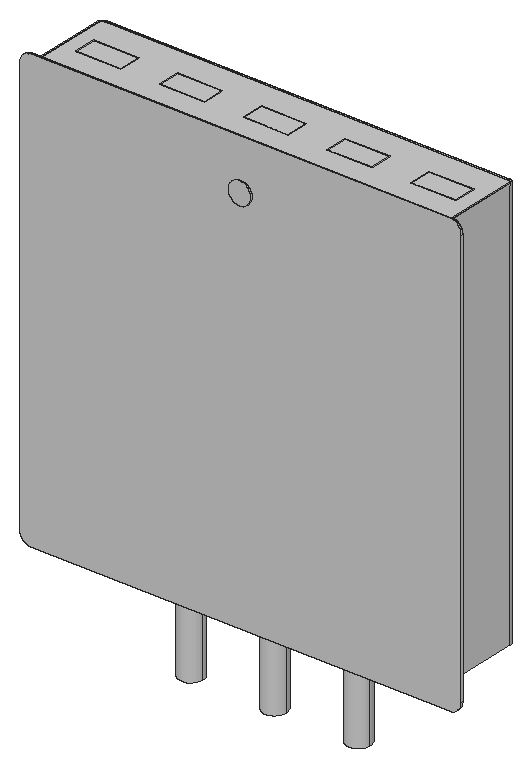
Revit family "SpecEquip_TMV_Zip_Horne TMV box with pipes at one end", category Specialty Equipment, Revit 2016
Family settings
  Part Type = Normal
  Round Connector Dimension = Use Diameter
  OmniClass Number = 23.65.55.14.24
  OmniClass Title = Mixing Valves for Liquid Services
  Work Plane-Based = No
  Always vertical = Yes
  Cut with Voids When Loaded = Yes
  Shared = No
  Room Calculation Point = No
Parameters (values of type "TMV Removable Door")
  URL = "https://www.zipwater.com/"
  Type Comments = "Removable Door"
  Removeable Door = not(Hinged Door)  # yes
  ModifiedIssue_ANZRS = 20171020
  Model = "Horne TMV  H1502 Brass in box Configuration - Removable Door"
  Material_ANZRS = z_ZipTmv_Chrome
  Manufacturer_URL__Product Specific = "https://www.zipwater.com/shop/washroom/box-with-cover-and-key-locks-recessed-flat-stainless-steel-cover"
  Manufacturer_Spec Code = "42157"
  Manufacturer_Overall Width = 370 mm  # constant formula
  Manufacturer_Overall Height = 370 mm  # constant formula
  Manufacturer_Overall Depth = 74 mm  # constant formula
  Manufacturer_Height From FFL [instance] = 900 mm
  Manufacturer = "Zip Australia"  # constant formula
  Hinged Door = no
  Description = "Horne TMV Model H1502: Recessed pre-plumbed box configuration with lockable flat stainless steel removable door - pipes at one end"
  CreatedBy_ANZRS = "UNIFI Labs"  # constant formula
  CreatedByURL_ANZRS = "http://www.unifilabs.com/"
Types (2, lengths in mm): name | Type Comments | Removeable Door | Model | Manufacturer_URL__Product Specific | Manufacturer_Spec Code | Hinged Door | Description
  TMV Removable Door | "Removable Door" | yes | "Horne TMV  H1502 Brass in box Configuration - Removable Door" | "https://www.zipwater.com/shop/washroom/box-with-cover-and-key-locks-recessed-flat-stainless-steel-cover" | "42157" | no | "Horne TMV Model H1502: Recessed pre-plumbed box configuration with lockable flat stainless steel removable door - pipes at one end"
  TMV Hinged Door | "Hinged Door" | no | "Horne TMV  H1502 Brass in box Configuration - Hinged Door" | "https://www.zipwater.com/shop/washroom/box-and-key-locks-recessed-Hingedd-stainless-steel-cover-pipes" | "42457" | yes | "Horne TMV Model H1502: Recessed pre-plumbed box configuration with lockable Hinged stainless steel door - pipes at one end"
Reference planes
  plane 1 "Back": y = 302
  plane 2 "Ref. Level": z = 0
  plane 3 "Center (Left/Right)": x = 0
  plane 4 "Right": x = 185
  plane 5 "Top": z = 1270
  plane 6 "Left": x = -185
  plane 7 "Bottom": z = 900
  plane 8 "Front": y = 228
  plane 9 "Center (Front/Back)": y = 265
  plane 10 "Center (Elevation)": z = 1085
  plane 11 "Left Offset": x = -75
  plane 12 "Right Offset": x = 75
Forms (mm)
  Extrusion 1, solid, material "z_ZipTmv_Chrome" <- "Material_ANZRS", detail levels fine
    sketch origin (0, 0, 1085) x (-1, 0, 0) y (0, 1, 0)
      loop
        line (-89.496, 250.504) -> (-69.694, 245.199) -> (-55.199, 259.694) -> (-60.504, 279.496) -> (-80.306, 284.801) -> (-94.801, 270.306) -> (-89.496, 250.504)
    from 64.5 to 80
  Extrusion 2, solid, material "z_ZipTmv_Chrome" <- "Material_ANZRS", detail levels fine
    sketch origin (0, 0, 1085) x (-1, 0, 0) y (0, 1, 0)
      loop
        line (-84.546, 255.454) -> (-71.506, 251.96) -> (-61.96, 261.506) -> (-65.454, 274.546) -> (-78.494, 278.04) -> (-88.04, 268.494) -> (-84.546, 255.454)
    from 52.3 to 63.3
  Extrusion 3, solid, material "z_ZipTmv_Chrome" <- "Material_ANZRS", detail levels fine
    sketch origin (0, 0, 1085) x (1, 0, 0) y (0, 1, 0)
      loop
        line (-89.496, 250.504) -> (-69.694, 245.199) -> (-55.199, 259.694) -> (-60.504, 279.496) -> (-80.306, 284.801) -> (-94.801, 270.306) -> (-89.496, 250.504)
    from 64.5 to 80
  Extrusion 4, solid, material "z_ZipTmv_Chrome" <- "Material_ANZRS", detail levels fine
    sketch origin (0, 0, 1085) x (1, 0, 0) y (0, 1, 0)
      loop
        line (-84.546, 255.454) -> (-71.506, 251.96) -> (-61.96, 261.506) -> (-65.454, 274.546) -> (-78.494, 278.04) -> (-88.04, 268.494) -> (-84.546, 255.454)
    from 52.3 to 63.3
  Extrusion 5, solid, material "z_ZipTmv_Chrome" <- "Material_ANZRS", detail levels fine
    sketch origin (75, 0, 1085) x (1, 0, 0) y (0, 1, 0)
      loop
        line (-89.496, 250.504) -> (-69.694, 245.199) -> (-55.199, 259.694) -> (-60.504, 279.496) -> (-80.306, 284.801) -> (-94.801, 270.306) -> (-89.496, 250.504)
    from 46.993 to 62.496
  Extrusion 6, solid, material "z_ZipTmv_Chrome" <- "Material_ANZRS", detail levels fine
    sketch origin (75, 0, 1085) x (1, 0, 0) y (0, 1, 0)
      loop
        line (-84.546, 255.454) -> (-71.506, 251.96) -> (-61.96, 261.506) -> (-65.454, 274.546) -> (-78.494, 278.04) -> (-88.04, 268.494) -> (-84.546, 255.454)
    from 41 to 46.993
  Extrusion 7, solid, material "z_ZipTmv_Chrome" <- "Material_ANZRS", detail levels fine
    sketch origin (75, 0, 1085) x (1, 0, 0) y (0, 1, 0)
      loop
        line (-62.272, 252.272) -> (-57.613, 269.659) -> (-70.341, 282.387) -> (-87.728, 277.728) -> (-92.387, 260.341) -> (-79.659, 247.613) -> (-62.272, 252.272)
    from 65.72 to 72.02
  Revolve 8, solid, material "z_ZipTmv_Chrome" <- "Material_ANZRS"
    sketch origin (0, 265, 0) x (0, 0, -1) y (-1, 0, 0)
      loop
        line (-1022.504, 0) -> (-1022.504, -14.566) -> (-1021.48, -13.542) -> (-1021.48, -12.2) -> (-1003.98, -12.2) -> (-1003.98, -10.5) -> (-798.5, -10.5) -> (-798.5, 0) -> (-1022.504, 0)
      axis (-798.5, 0) -> (-1022.504, 0)
    angle from 0 to 360
  Revolve 9, solid, material "z_ZipTmv_Chrome" <- "Material_ANZRS"
    sketch origin (0, 265, 0) x (0, 0, -1) y (-1, 0, 0)
      loop
        line (-798.5, -75) -> (-1005, -75) -> (-1005, -87.25) -> (-994, -87.25) -> (-994, -85.5) -> (-798.5, -85.5) -> (-798.5, -75)
      axis (-798.5, -75) -> (-1005, -75)
    angle from 0 to 360
  Revolve 10, solid, material "z_ZipTmv_Chrome" <- "Material_ANZRS"
    sketch origin (0, 265, 0) x (0, 0, -1) y (-1, 0, 0)
      loop
        line (-798.5, 75) -> (-1005, 75) -> (-1005, 62.75) -> (-994, 62.75) -> (-994, 64.5) -> (-798.5, 64.5) -> (-798.5, 75)
      axis (-798.5, 75) -> (-1005, 75)
    angle from 0 to 360
  Revolve 11, solid, material "z_ZipTmv_Chrome" <- "Material_ANZRS", detail levels fine
    sketch origin (0, 265, 0) x (0, 0, -1) y (-1, 0, 0)
      loop
        line (-980, 0) -> (-980, 53.5) -> (-986.003, 53.5) -> (-986.003, 44.5) -> (-989.003, 44.5) -> (-989.003, 14.5) -> (-986.503, 14.5) -> (-986.503, 11) -> (-988.003, 11) -> (-988.003, 10) -> (-986.503, 10) -> (-986.503, 0) -> (-980, 0)
      loop
        line (-982, 54.963) -> (-980, 54.963) -> (-980, 56.963) -> (-981.02, 56.963) -> (-982, 55.983) -> (-982, 54.963)
      axis (-980, 56.963) -> (-980, 0)
    angle from 0 to 360
  Extrusion 12, solid, material "z_ZipTmv_Chrome" <- "Material_ANZRS", detail levels fine
    sketch origin (0, 0, 1085) x (-1, 0, 0) y (0, -1, 0)
      loop
        line (54.963, -276.503) -> (54.963, -251.497)
        arc (54.963, -251.497) -> (54.231, -249.73) -> (52.463, -248.997) r 2.5
        line (52.463, -248.997) -> (47, -248.997)
        arc (47, -248.997) -> (45.232, -249.73) -> (44.5, -251.497) r 2.5
        line (44.5, -251.497) -> (44.5, -260.497) -> (46, -260.497) -> (46, -251.497)
        arc (46, -251.497) -> (46.293, -250.79) -> (47, -250.497) r 1
        line (47, -250.497) -> (52.5, -250.497)
        arc (52.5, -250.497) -> (53.207, -250.79) -> (53.5, -251.497) r 1
        line (53.5, -251.497) -> (53.5, -276.503)
        arc (53.5, -276.503) -> (54.232, -277.235) -> (54.963, -276.503) r 0.732
    from -107.5 to -102.5
  Extrusion 13, solid, material "z_ZipTmv_Chrome" <- "Material_ANZRS", detail levels fine
    sketch origin (0, 265, 0) x (0, 0, -1) y (-1, 0, 0)
      loop
        line (-900, 95) -> (-920.144, 95) -> (-920.144, 55) -> (-900, 55) -> (-900, 95)
      loop
        line (-900, 20) -> (-920.144, 20) -> (-920.144, -20) -> (-900, -20) -> (-900, 20)
      loop
        line (-900, -55) -> (-920.144, -55) -> (-920.144, -95) -> (-900, -95) -> (-900, -55)
    from 10 to 11.2
  Extrusion 14, solid, material "z_ZipTmv_Chrome" <- "Material_ANZRS", detail levels fine
    sketch origin (-41.47, 184.374, 900) x (-1, 0, 0) y (0, 1, 0)
      loop
        line (-126.97, 80.626) -> (-126.97, 85.626)
        arc (-126.97, 85.626) -> (-128.434, 89.161) -> (-131.97, 90.626) r 5
        line (-131.97, 90.626) -> (-136.47, 90.626) -> (-136.47, 89.626) -> (-131.97, 89.626)
        arc (-131.97, 89.626) -> (-129.141, 88.454) -> (-127.97, 85.626) r 4
        line (-127.97, 85.626) -> (-127.97, 80.626)
        arc (-127.97, 80.626) -> (-116.47, 69.126) -> (-104.97, 80.626) r 11.5
        line (-104.97, 80.626) -> (-104.97, 85.626)
        arc (-104.97, 85.626) -> (-103.798, 88.454) -> (-100.97, 89.626) r 4
        line (-100.97, 89.626) -> (-96.47, 89.626) -> (-96.47, 90.626) -> (-100.97, 90.626)
        arc (-100.97, 90.626) -> (-104.505, 89.161) -> (-105.97, 85.626) r 5
        line (-105.97, 85.626) -> (-105.97, 80.626)
        arc (-105.97, 80.626) -> (-116.47, 70.126) -> (-126.97, 80.626) r 10.5
      loop
        line (-51.97, 80.626) -> (-51.97, 85.626)
        arc (-51.97, 85.626) -> (-53.434, 89.161) -> (-56.97, 90.626) r 5
        line (-56.97, 90.626) -> (-61.47, 90.626) -> (-61.47, 89.626) -> (-56.97, 89.626)
        arc (-56.97, 89.626) -> (-54.141, 88.454) -> (-52.97, 85.626) r 4
        line (-52.97, 85.626) -> (-52.97, 80.626)
        arc (-52.97, 80.626) -> (-41.47, 69.126) -> (-29.97, 80.626) r 11.5
        line (-29.97, 80.626) -> (-29.97, 85.626)
        arc (-29.97, 85.626) -> (-28.798, 88.454) -> (-25.97, 89.626) r 4
        line (-25.97, 89.626) -> (-21.47, 89.626) -> (-21.47, 90.626) -> (-25.97, 90.626)
        arc (-25.97, 90.626) -> (-29.505, 89.161) -> (-30.97, 85.626) r 5
        line (-30.97, 85.626) -> (-30.97, 80.626)
        arc (-30.97, 80.626) -> (-41.47, 70.126) -> (-51.97, 80.626) r 10.5
      loop
        line (23.03, 80.626) -> (23.03, 85.626)
        arc (23.03, 85.626) -> (21.566, 89.161) -> (18.03, 90.626) r 5
        line (18.03, 90.626) -> (13.53, 90.626) -> (13.53, 89.626) -> (18.03, 89.626)
        arc (18.03, 89.626) -> (20.859, 88.454) -> (22.03, 85.626) r 4
        line (22.03, 85.626) -> (22.03, 80.626)
        arc (22.03, 80.626) -> (33.53, 69.126) -> (45.03, 80.626) r 11.5
        line (45.03, 80.626) -> (45.03, 85.626)
        arc (45.03, 85.626) -> (46.202, 88.454) -> (49.03, 89.626) r 4
        line (49.03, 89.626) -> (53.53, 89.626) -> (53.53, 90.626) -> (49.03, 90.626)
        arc (49.03, 90.626) -> (45.495, 89.161) -> (44.03, 85.626) r 5
        line (44.03, 85.626) -> (44.03, 80.626)
        arc (44.03, 80.626) -> (33.53, 70.126) -> (23.03, 80.626) r 10.5
    from -18.846 to 0
  Extrusion 15, void
    sketch origin (-41.47, 184.374, 900) x (-1, 0, 0) y (0, 1, 0)
      loop
        line (143.53, 117.626) -> (-226.47, 117.626) -> (-226.47, 43.626) -> (143.53, 43.626) -> (143.53, 117.626)
    from -370 to 0
Text (mm)
  text "Disclaimer:\n\nDue to ongoing product development and manufacturing evolution, product details are subject to change without notice.\n\nPlease refer to product technical data sheets on www.zipwater.com for the most current product information. Please allow a +/- 5mm tolerance for dimensions and set-outs shown in product literature.\n\n© 2017 Zip Industries" at (260.267, 337.534, 0), in view "Ref. Level"
Dimensions and locks
  "Manufacturer_Height From FFL": plane 7 "Bottom" to plane 2 "Ref. Level"
  equal spacing: plane 8 "Front", plane 9 "Center (Front/Back)", plane 1 "Back"
  "Manufacturer_Overall Depth": plane 8 "Front" to plane 1 "Back"
  equal spacing: plane 6 "Left", plane 3 "Center (Left/Right)", plane 4 "Right"
  "Manufacturer_Overall Width": plane 6 "Left" to plane 4 "Right"
  "Manufacturer_Overall Height": plane 7 "Bottom" to plane 5 "Top"
  equal spacing: plane 5 "Top", plane 10 "Center (Elevation)", plane 7 "Bottom"
  plane 12 "Right Offset" to plane 3 "Center (Left/Right)" to plane 11 "Left Offset" = 75 mm locked, 75 mm locked
  aligned and locked: level to plane 2 "Ref. Level"
  aligned and locked: plane 3 "Center (Left/Right)" to nested 1
  aligned and locked: plane 9 "Center (Front/Back)" to nested 1
  aligned and locked: nested 1 to plane 5 "Top"
  aligned and locked: plane 3 "Center (Left/Right)" to nested 2
  aligned and locked: plane 9 "Center (Front/Back)" to nested 2
  aligned and locked: plane 10 "Center (Elevation)" to nested 2
  aligned and locked: plane 6 "Left" to Extrusion 15 sketch curve
  aligned and locked: plane 1 "Back" to Extrusion 15 sketch curve
  aligned and locked: Extrusion 15 sketch curve to plane 4 "Right"
  aligned and locked: plane 8 "Front" to Extrusion 15 sketch curve
  aligned and locked: plane 7 "Bottom" to Extrusion 15
  aligned and locked: Extrusion 15 to plane 5 "Top"
Automatic sketch dimensions
  plane 9 "Center (Front/Back)" to Extrusion 1 sketch curve = 5.306 mm
  plane 12 "Right Offset" to Extrusion 1 sketch curve = 19.801 mm
  plane 12 "Right Offset" to Extrusion 1 sketch curve = 14.496 mm
  plane 12 "Right Offset" to Extrusion 1 sketch curve = 5.306 mm
  Extrusion 1 sketch curve to plane 12 "Right Offset" = 5.306 mm
  Extrusion 1 sketch curve to plane 12 "Right Offset" = 14.496 mm
  Extrusion 1 sketch curve to plane 9 "Center (Front/Back)" = 5.306 mm
  Extrusion 1 sketch curve to plane 12 "Right Offset" = 19.801 mm
  plane 9 "Center (Front/Back)" to Extrusion 1 sketch curve = 14.496 mm
  plane 1 "Back" to Extrusion 1 sketch curve = 17.199 mm
  Extrusion 1 sketch curve to plane 9 "Center (Front/Back)" = 14.496 mm
  plane 8 "Front" to Extrusion 1 sketch curve = 17.199 mm
  Extrusion 2 sketch curve to plane 12 "Right Offset" = 3.494 mm
  Extrusion 2 sketch curve to plane 9 "Center (Front/Back)" = 3.494 mm
  Extrusion 3 sketch curve to plane 9 "Center (Front/Back)" = 5.306 mm
  plane 11 "Left Offset" to Extrusion 3 sketch curve = 19.801 mm
  plane 11 "Left Offset" to Extrusion 3 sketch curve = 14.496 mm
  plane 11 "Left Offset" to Extrusion 3 sketch curve = 5.306 mm
  Extrusion 3 sketch curve to plane 11 "Left Offset" = 5.306 mm
  Extrusion 3 sketch curve to plane 11 "Left Offset" = 14.496 mm
  plane 9 "Center (Front/Back)" to Extrusion 3 sketch curve = 5.306 mm
  Extrusion 3 sketch curve to plane 11 "Left Offset" = 19.801 mm
  Extrusion 3 sketch curve to plane 9 "Center (Front/Back)" = 14.496 mm
  Extrusion 3 sketch curve to plane 1 "Back" = 17.199 mm
  plane 9 "Center (Front/Back)" to Extrusion 3 sketch curve = 14.496 mm
  Extrusion 3 sketch curve to plane 8 "Front" = 17.199 mm
  Extrusion 4 sketch curve to plane 11 "Left Offset" = 3.494 mm
  plane 9 "Center (Front/Back)" to Extrusion 4 sketch curve = 3.494 mm
  Extrusion 5 sketch curve to plane 9 "Center (Front/Back)" = 5.306 mm
  plane 3 "Center (Left/Right)" to Extrusion 5 sketch curve = 19.801 mm
  plane 3 "Center (Left/Right)" to Extrusion 5 sketch curve = 14.496 mm
  plane 3 "Center (Left/Right)" to Extrusion 5 sketch curve = 5.306 mm
  Extrusion 5 sketch curve to plane 3 "Center (Left/Right)" = 5.306 mm
  Extrusion 5 sketch curve to plane 3 "Center (Left/Right)" = 14.496 mm
  plane 9 "Center (Front/Back)" to Extrusion 5 sketch curve = 5.306 mm
  Extrusion 5 sketch curve to plane 3 "Center (Left/Right)" = 19.801 mm
  Extrusion 5 sketch curve to plane 9 "Center (Front/Back)" = 14.496 mm
  Extrusion 5 sketch curve to plane 1 "Back" = 17.199 mm
  plane 9 "Center (Front/Back)" to Extrusion 5 sketch curve = 14.496 mm
  Extrusion 5 sketch curve to plane 8 "Front" = 17.199 mm
  Extrusion 6 sketch curve to plane 3 "Center (Left/Right)" = 3.494 mm
  plane 9 "Center (Front/Back)" to Extrusion 6 sketch curve = 3.494 mm
  Revolve 8 sketch curve to plane 3 "Center (Left/Right)" = 0 mm  (x2)
  plane 10 "Center (Elevation)" to Revolve 8 sketch curve = 62.496 mm
  plane 3 "Center (Left/Right)" to Revolve 8 sketch curve = 13.542 mm
  Revolve 8 sketch curve to Revolve 8 sketch curve = 1.024 mm  (x2)
  Revolve 8 sketch curve to Revolve 8 sketch curve = 17.5 mm
  plane 3 "Center (Left/Right)" to Revolve 8 sketch curve = 10.5 mm
  plane 7 "Bottom" to Revolve 8 sketch curve = 101.5 mm
  Revolve 8 sketch curve to Revolve 8 sketch curve = 1.342 mm
  Revolve 8 sketch curve to Revolve 8 sketch curve = 0 mm
  Revolve 8 sketch curve to Revolve 8 sketch curve = 2.412 mm
  plane 12 "Right Offset" to Revolve 9 sketch curve = 12.25 mm
  plane 10 "Center (Elevation)" to Revolve 9 sketch curve = 80 mm
  Revolve 9 sketch curve to Revolve 9 sketch curve = 11 mm
  Revolve 9 sketch curve to plane 12 "Right Offset" = 0 mm  (x2)
  plane 7 "Bottom" to Revolve 9 sketch curve = 101.5 mm
  plane 12 "Right Offset" to Revolve 9 sketch curve = 10.5 mm
  Revolve 9 sketch curve to Revolve 9 sketch curve = 3.198 mm
  Revolve 9 sketch curve to Revolve 9 sketch curve = 0 mm
  Revolve 10 sketch curve to plane 11 "Left Offset" = 0 mm  (x2)
  plane 10 "Center (Elevation)" to Revolve 10 sketch curve = 80 mm
  Revolve 10 sketch curve to Revolve 10 sketch curve = 11 mm
  plane 7 "Bottom" to Revolve 10 sketch curve = 101.5 mm
  plane 11 "Left Offset" to Revolve 10 sketch curve = 10.5 mm
  Revolve 10 sketch curve to Revolve 10 sketch curve = 1.75 mm
  Revolve 10 sketch curve to Revolve 10 sketch curve = 0 mm
  Revolve 10 sketch curve to Revolve 10 sketch curve = 5 mm
  Revolve 11 sketch curve to plane 3 "Center (Left/Right)" = 0 mm  (x2)
  plane 11 "Left Offset" to Revolve 11 sketch curve = 30.5 mm
  Revolve 11 sketch curve to plane 7 "Bottom" = 89.003 mm
  Revolve 11 sketch curve to Revolve 11 sketch curve = 1 mm  (x2)
  Revolve 11 sketch curve to Revolve 11 sketch curve = 1.5 mm
  Revolve 11 sketch curve to Revolve 11 sketch curve = 0 mm  (x3)
  Revolve 11 sketch curve to Revolve 11 sketch curve = 3 mm
  Revolve 11 sketch curve to Revolve 11 sketch curve = 4.003 mm
  Revolve 11 sketch curve to Revolve 11 sketch curve = 0.98 mm  (x2)
  Revolve 11 sketch curve to Revolve 11 sketch curve = 2 mm
  Revolve 11 sketch curve to plane 3 "Center (Left/Right)" = 10 mm
  Revolve 11 sketch curve to Revolve 11 sketch curve = 3.5 mm
  Revolve 11 sketch curve to Revolve 11 sketch curve = 9 mm
  Revolve 11 sketch curve to Revolve 11 sketch curve = 1.463 mm
  Revolve 11 sketch curve to Revolve 11 sketch curve = 1.02 mm
  plane 3 "Center (Left/Right)" to Revolve 11 sketch curve = 4.198 mm
  Extrusion 12 sketch curve to Extrusion 12 sketch curve = 0 mm  (x2)
  Extrusion 12 sketch curve to plane 9 "Center (Front/Back)" = 13.503 mm
  plane 11 "Left Offset" to Extrusion 12 sketch curve = 30.5 mm
  Extrusion 12 sketch curve to Extrusion 12 sketch curve = 1.5 mm
  Extrusion 12 sketch curve to Extrusion 12 sketch curve = 1 mm  (x2)
  Extrusion 12 sketch curve to Extrusion 12 sketch curve = 5.463 mm
  Extrusion 12 sketch curve to Extrusion 12 sketch curve = 0.037 mm
  Extrusion 12 sketch curve to Extrusion 12 sketch curve = 0.732 mm
  Extrusion 12 sketch curve to plane 9 "Center (Front/Back)" = 4.503 mm
  plane 9 "Center (Front/Back)" to Extrusion 12 sketch curve = 11.503 mm
  Extrusion 13 sketch curve to plane 7 "Bottom" = 0 mm  (x3)
  Extrusion 13 sketch curve to plane 7 "Bottom" = 20.144 mm  (x3)
  plane 12 "Right Offset" to Extrusion 13 sketch curve = 20 mm
  Extrusion 13 sketch curve to plane 12 "Right Offset" = 20 mm
  plane 3 "Center (Left/Right)" to Extrusion 13 sketch curve = 20 mm
  Extrusion 13 sketch curve to plane 3 "Center (Left/Right)" = 20 mm
  plane 11 "Left Offset" to Extrusion 13 sketch curve = 20 mm
  Extrusion 13 sketch curve to plane 11 "Left Offset" = 20 mm
  Extrusion 14 sketch curve to Extrusion 14 sketch curve = 0 mm  (x18)
  Extrusion 14 sketch curve to plane 9 "Center (Front/Back)" = 0 mm  (x3)
  plane 9 "Center (Front/Back)" to Extrusion 14 sketch curve = 10 mm  (x5)
  plane 12 "Right Offset" to Extrusion 14 sketch curve = 20 mm
  Extrusion 14 sketch curve to Extrusion 14 sketch curve = 4.5 mm  (x6)
  Extrusion 14 sketch curve to Extrusion 14 sketch curve = 4 mm  (x6)
  Extrusion 14 sketch curve to Extrusion 14 sketch curve = 1 mm  (x3)
  Extrusion 14 sketch curve to plane 12 "Right Offset" = 0 mm
  plane 3 "Center (Left/Right)" to Extrusion 14 sketch curve = 20 mm
  Extrusion 14 sketch curve to plane 3 "Center (Left/Right)" = 0 mm
  plane 9 "Center (Front/Back)" to Extrusion 14 sketch curve = 9 mm
  plane 11 "Left Offset" to Extrusion 14 sketch curve = 20 mm
  Extrusion 14 sketch curve to plane 11 "Left Offset" = 0 mm
  plane 9 "Center (Front/Back)" to Extrusion 4 sketch curve = 9.546 mm
  Extrusion 4 sketch curve to plane 9 "Center (Front/Back)" = 3.494 mm
  plane 11 "Left Offset" to Extrusion 4 sketch curve = 13.04 mm
  plane 11 "Left Offset" to Extrusion 4 sketch curve = 3.494 mm
  Extrusion 4 sketch curve to plane 9 "Center (Front/Back)" = 9.546 mm
  Extrusion 4 sketch curve to plane 9 "Center (Front/Back)" = 13.04 mm
  plane 11 "Left Offset" to Extrusion 4 sketch curve = 9.546 mm
  Extrusion 4 sketch curve to plane 11 "Left Offset" = 9.546 mm
  Extrusion 4 sketch curve to plane 11 "Left Offset" = 13.04 mm
  plane 9 "Center (Front/Back)" to Extrusion 4 sketch curve = 13.04 mm
  plane 3 "Center (Left/Right)" to Extrusion 6 sketch curve = 3.494 mm
  plane 3 "Center (Left/Right)" to Extrusion 6 sketch curve = 9.546 mm
  Extrusion 6 sketch curve to plane 3 "Center (Left/Right)" = 9.546 mm
  plane 9 "Center (Front/Back)" to Extrusion 6 sketch curve = 13.04 mm
  Extrusion 6 sketch curve to plane 9 "Center (Front/Back)" = 3.494 mm
  Extrusion 6 sketch curve to plane 3 "Center (Left/Right)" = 13.04 mm
  Extrusion 6 sketch curve to plane 9 "Center (Front/Back)" = 9.546 mm
  Extrusion 6 sketch curve to plane 9 "Center (Front/Back)" = 13.04 mm
  plane 3 "Center (Left/Right)" to Extrusion 6 sketch curve = 13.04 mm
  plane 9 "Center (Front/Back)" to Extrusion 6 sketch curve = 9.546 mm
  plane 12 "Right Offset" to Extrusion 2 sketch curve = 3.494 mm
  Extrusion 2 sketch curve to plane 9 "Center (Front/Back)" = 9.546 mm
  plane 9 "Center (Front/Back)" to Extrusion 2 sketch curve = 3.494 mm
  plane 12 "Right Offset" to Extrusion 2 sketch curve = 13.04 mm
  plane 9 "Center (Front/Back)" to Extrusion 2 sketch curve = 9.546 mm
  plane 9 "Center (Front/Back)" to Extrusion 2 sketch curve = 13.04 mm
  plane 12 "Right Offset" to Extrusion 2 sketch curve = 9.546 mm
  Extrusion 2 sketch curve to plane 12 "Right Offset" = 9.546 mm
  Extrusion 2 sketch curve to plane 12 "Right Offset" = 13.04 mm
  Extrusion 2 sketch curve to plane 9 "Center (Front/Back)" = 13.04 mm
Nested families
  nested 1: "z_SpecEquip_TMV_Zip_Box" at (0, 0, -21), type "z_SpecEquip_TMV_Zip_Box"
    with Manufacturer_Height From FFL 900 mm
  nested 2: "SpecEquip_TMV_Zip_Horne TMV H1502" at (0, -14.5, 119.5), type "Chrome", detail levels medium+fine
    with Manufacturer_Height From FFL 900 mm
Connectors
  piping at (-75, 265, 798.5), diameter 21
    settings: on Revolve 10, index 1, connector inside diameter 609.6 mm, connector length 0 mm, flow factor 0, pipe flow 0.0 L/s, pressure drop 0.0 Pa, fitting loss kfactor 0, connector angle 0.00°, fixture units 0, engagement length 0 mm, angle of deflection 0.00°, flow configuration 1, flow direction 1, fitting loss method 4, system type 20, joint type 0, gender type 0, connector reference index -1, connector utility 0, adjustable connector no, is connector primary yes, connector description "Cold Water Inlet"
  piping at (0, 265, 798.5), diameter 21
    settings: on Revolve 8, index 2, connector inside diameter 609.6 mm, connector length 0 mm, flow factor 0, pipe flow 0.0 L/s, pressure drop 0.0 Pa, fitting loss kfactor 0, connector angle 0.00°, fixture units 0, engagement length 0 mm, angle of deflection 0.00°, flow configuration 1, flow direction 2, fitting loss method 4, system type 19, joint type 0, gender type 0, connector reference index -1, connector utility 0, adjustable connector no, is connector primary no, connector description "Mixed Outlet"
  piping at (75, 265, 798.5), diameter 21
    settings: on Revolve 9, index 3, connector inside diameter 609.6 mm, connector length 0 mm, flow factor 0, pipe flow 0.0 L/s, pressure drop 0.0 Pa, fitting loss kfactor 0, connector angle 0.00°, fixture units 0, engagement length 0 mm, angle of deflection 0.00°, flow configuration 1, flow direction 1, fitting loss method 4, system type 19, joint type 0, gender type 0, connector reference index -1, connector utility 0, adjustable connector no, is connector primary no, connector description "Hot Water Inlet"
Definition of nested family "z_SpecEquip_TMV_Zip_Box"
  Parameters (values of type "z_SpecEquip_TMV_Zip_Box")
    URL = "https://www.zipwater.com/"
    Type Comments = "2 top -2 Bottom - Hinged"
    Top Opening5 = yes
    Top Opening4 = yes
    Top Opening3 = yes
    Top Opening2 = yes
    Top Opening1 = yes
    ModifiedIssue_ANZRS = 20171020
    Model = ""
    Material_ANZRS = none
    Manufacturer_URL__Product Specific = "https://www.zipwater.com/shop/washroom?pg=2"
    Manufacturer_Overall Width = 395 mm
    Manufacturer_Overall Height = Manufacturer_Overall Width  # 395 mm
    Manufacturer_Overall Depth = 74 mm  # constant formula
    Manufacturer_Height From FFL [instance] = 900 mm
    Manufacturer = "Zip Australia"  # constant formula
    Description = ""
    CreatedBy_ANZRS = "UNIFI Labs"  # constant formula
    CreatedByURL_ANZRS = "http://www.unifilabs.com/"
    Bottom Opening5 = no
    Bottom Opening4 = no
    Bottom Opening3 = no
    Bottom Opening2 = yes
    Bottom Opening1 = no
    2 top -2 Bottom - Removeable Door Visibility = yes
    2 top -2 Bottom - Hinged Visibility = no
  Reference planes
    plane 1 "Back": y = 302
    plane 2 "Ref. Level": z = 0
    plane 3 "Center (Left/Right)": x = 0
    plane 4 "Right": x = 197.5
    plane 5 "Top": z = 1295
    plane 6 "Left": x = -197.5
    plane 7 "Bottom": z = 900
    plane 8 "Front": y = 228
    plane 9 "Center (Front/Back)": y = 265
    plane 10 "Back Offset": y = 275
    plane 11 "Front Offset": y = 255
    plane 12 "Left Offset1": x = -170
    plane 13 "Left Offset2": x = -130
    plane 14 "Left Offset3": x = -95
    plane 15 "Left Offset4": x = -55
    plane 16 "Left Offset5": x = -20
    plane 17 "Right Offset5": x = 20
    plane 18 "Right Offset4": x = 55
    plane 19 "Right Offset3": x = 95
    plane 20 "Right Offset2": x = 130
    plane 21 "Right Offset1": x = 170
  Forms (mm)
    Extrusion 1, solid, material <- "Material_ANZRS", visible <- "2 top -2 Bottom - Removeable Door Visibility"
      sketch origin (0, 228, 0) x (0, 0, -1) y (-1, 0, 0)
        loop
          line (-1295, 187.5) -> (-1295, -187.5)
          arc (-1295, -187.5) -> (-1292.071, -194.571) -> (-1285, -197.5) r 10
          line (-1285, -197.5) -> (-910, -197.5)
          arc (-910, -197.5) -> (-902.929, -194.571) -> (-900, -187.5) r 10
          line (-900, -187.5) -> (-900, 187.5)
          arc (-900, 187.5) -> (-902.929, 194.571) -> (-910, 197.5) r 10
          line (-910, 197.5) -> (-1285, 197.5)
          arc (-1285, 197.5) -> (-1292.071, 194.571) -> (-1295, 187.5) r 10
      from -1.2 to 0
    Extrusion 2, solid, material <- "Material_ANZRS"
      sketch origin (-41.47, 184.374, 900) x (-1, 0, 0) y (0, 1, 0)
        loop
          arc (142.33, 112.926) -> (141.305, 115.4) -> (138.83, 116.426) r 3.5
          line (138.83, 116.426) -> (-221.77, 116.426)
          arc (-221.77, 116.426) -> (-224.244, 115.4) -> (-225.27, 112.926) r 3.5
          line (-225.27, 112.926) -> (-225.27, 43.626) -> (142.33, 43.626) -> (142.33, 112.926)
      from -22.2 to -21
    Extrusion 3, solid, material <- "Material_ANZRS"
      sketch origin (0, 0, 1295) x (-1, 0, 0) y (0, 1, 0)
        loop
          arc (183.8, 297.3) -> (182.775, 299.775) -> (180.3, 300.8) r 3.5
          line (180.3, 300.8) -> (-180.3, 300.8)
          arc (-180.3, 300.8) -> (-182.775, 299.775) -> (-183.8, 297.3) r 3.5
          line (-183.8, 297.3) -> (-183.8, 228) -> (183.8, 228) -> (183.8, 297.3)
      from 4 to 5.2
    Extrusion 4, solid, material <- "Material_ANZRS"
      sketch origin (-41.47, 184.374, 900) x (-1, 0, 0) y (0, 1, 0)
        loop
          arc (143.53, 112.626) -> (142.066, 116.161) -> (138.53, 117.626) r 5
          line (138.53, 117.626) -> (-221.47, 117.626)
          arc (-221.47, 117.626) -> (-225.005, 116.161) -> (-226.47, 112.626) r 5
          line (-226.47, 112.626) -> (-226.47, 43.626) -> (-225.27, 43.626) -> (-225.27, 112.926)
          arc (-225.27, 112.926) -> (-224.244, 115.4) -> (-221.77, 116.426) r 3.5
          line (-221.77, 116.426) -> (138.83, 116.426)
          arc (138.83, 116.426) -> (141.305, 115.4) -> (142.33, 112.926) r 3.5
          line (142.33, 112.926) -> (142.33, 43.626) -> (143.53, 43.626) -> (143.53, 112.626)
      from -391 to -21
    Extrusion 5, solid, material <- "Material_ANZRS", visible <- "2 top -2 Bottom - Hinged Visibility"
      sketch origin (0, 228, 0) x (0, 0, -1) y (-1, 0, 0)
        loop
          line (-1295, 187.5) -> (-1295, -187.5)
          arc (-1295, -187.5) -> (-1292.071, -194.571) -> (-1285, -197.5) r 10
          line (-1285, -197.5) -> (-910, -197.5)
          arc (-910, -197.5) -> (-902.929, -194.571) -> (-900, -187.5) r 10
          line (-900, -187.5) -> (-900, 187.5)
          arc (-900, 187.5) -> (-902.929, 194.571) -> (-910, 197.5) r 10
          line (-910, 197.5) -> (-1285, 197.5)
          arc (-1285, 197.5) -> (-1292.071, 194.571) -> (-1295, 187.5) r 10
      from -1.2 to 0
    Extrusion 6, solid, material <- "Material_ANZRS", visible <- "2 top -2 Bottom - Hinged Visibility", detail levels fine
      sketch origin (0, 228, 0) x (0, 0, -1) y (-1, 0, 0)
        loop
          circle (-1097.5, -147.523) r 10
      from -1.2 to -8
    Extrusion 7, solid, material <- "Material_ANZRS", visible <- "2 top -2 Bottom - Hinged Visibility", detail levels fine
      sketch origin (0, 228, 0) x (0, 0, -1) y (-1, 0, 0)
        loop
          arc (-1087.5, -147.523) -> (-1097.5, -137.523) -> (-1107.5, -147.523) r 10
          line (-1107.5, -147.523) -> (-1107.5, -187.5)
          arc (-1107.5, -187.5) -> (-1097.5, -197.5) -> (-1087.5, -187.5) r 10
          line (-1087.5, -187.5) -> (-1087.5, -147.523)
      from -10 to -8
    Extrusion 8, void
      sketch origin (-41.47, 184.374, 900) x (0, 1, 0) y (-1, 0, 0)
        loop
          line (90.626, 128.53) -> (70.626, 128.53) -> (70.626, 88.53) -> (90.626, 88.53) -> (90.626, 128.53)
        loop
          line (90.626, 53.53) -> (70.626, 53.53) -> (70.626, 13.53) -> (90.626, 13.53) -> (90.626, 53.53)
        loop
          line (90.626, -21.47) -> (70.626, -21.47) -> (70.626, -61.47) -> (90.626, -61.47) -> (90.626, -21.47)
        loop
          line (90.626, -96.47) -> (70.626, -96.47) -> (70.626, -136.47) -> (90.626, -136.47) -> (90.626, -96.47)
        loop
          line (90.626, -171.47) -> (70.626, -171.47) -> (70.626, -211.47) -> (90.626, -211.47) -> (90.626, -171.47)
      from 0 to 395
    Extrusion 9, solid, material <- "Material_ANZRS", visible <- "Top Opening1"
      sketch origin (0, 0, 1295) x (-1, 0, 0) y (0, 1, 0)
        loop
          line (170, 275) -> (130, 275) -> (130, 255) -> (170, 255) -> (170, 275)
      from 4 to 5
    Extrusion 10, solid, material <- "Material_ANZRS", visible <- "Top Opening2"
      sketch origin (0, 0, 1295) x (-1, 0, 0) y (0, 1, 0)
        loop
          line (95, 275) -> (55, 275) -> (55, 255) -> (95, 255) -> (95, 275)
      from 4 to 5
    Extrusion 11, solid, material <- "Material_ANZRS", visible <- "Top Opening3"
      sketch origin (0, 0, 1295) x (-1, 0, 0) y (0, -1, 0)
        loop
          line (20, -275) -> (20, -255) -> (-20, -255) -> (-20, -275) -> (20, -275)
      from -5 to -4
    Extrusion 12, solid, material <- "Material_ANZRS", visible <- "Top Opening4"
      sketch origin (0, 0, 1295) x (-1, 0, 0) y (0, -1, 0)
        loop
          line (-55, -275) -> (-55, -255) -> (-95, -255) -> (-95, -275) -> (-55, -275)
      from -4 to -5
    Extrusion 13, solid, material <- "Material_ANZRS", visible <- "Top Opening5"
      sketch origin (0, 0, 1295) x (-1, 0, 0) y (0, -1, 0)
        loop
          line (-130, -275) -> (-130, -255) -> (-170, -255) -> (-170, -275) -> (-130, -275)
      from -4 to -5
    Extrusion 14, solid, material <- "Material_ANZRS", visible <- "Bottom Opening1"
      sketch origin (-41.47, 184.374, 900) x (-1, 0, 0) y (0, 1, 0)
        loop
          line (128.53, 90.626) -> (88.53, 90.626) -> (88.53, 70.626) -> (128.53, 70.626) -> (128.53, 90.626)
      from -22 to -21
    Extrusion 15, solid, material <- "Material_ANZRS", visible <- "Bottom Opening2"
      sketch origin (-41.47, 184.374, 900) x (-1, 0, 0) y (0, 1, 0)
        loop
          line (53.53, 90.626) -> (13.53, 90.626) -> (13.53, 70.626) -> (53.53, 70.626) -> (53.53, 90.626)
      from -22 to -21
    Extrusion 16, solid, material <- "Material_ANZRS", visible <- "Bottom Opening3"
      sketch origin (-41.47, 184.374, 900) x (-1, 0, 0) y (0, 1, 0)
        loop
          line (-21.47, 90.626) -> (-61.47, 90.626) -> (-61.47, 70.626) -> (-21.47, 70.626) -> (-21.47, 90.626)
      from -22 to -21
    Extrusion 17, solid, material <- "Material_ANZRS", visible <- "Bottom Opening4"
      sketch origin (-41.47, 184.374, 900) x (-1, 0, 0) y (0, 1, 0)
        loop
          line (-96.47, 90.626) -> (-136.47, 90.626) -> (-136.47, 70.626) -> (-96.47, 70.626) -> (-96.47, 90.626)
      from -22 to -21
    Extrusion 18, solid, material <- "Material_ANZRS", visible <- "Bottom Opening5"
      sketch origin (-41.47, 184.374, 900) x (-1, 0, 0) y (0, 1, 0)
        loop
          line (-171.47, 90.626) -> (-211.47, 90.626) -> (-211.47, 70.626) -> (-171.47, 70.626) -> (-171.47, 90.626)
      from -22 to -21
    Extrusion 19, solid, material <- "Material_ANZRS", visible <- "2 top -2 Bottom - Removeable Door Visibility", detail levels fine
      sketch origin (0, 228, 0) x (0, 0, -1) y (-1, 0, 0)
        loop
          circle (-1249.678, 0) r 10
      from -2.2 to -1.2
  Cuts and joins
    Extrusion 8 cuts Extrusion 3
    Extrusion 8 cuts Extrusion 2
  Dimensions and locks
    "Manufacturer_Overall Height": plane 5 "Top" to plane 7 "Bottom"
    "Manufacturer_Height From FFL": plane 7 "Bottom" to plane 2 "Ref. Level"
    equal spacing: plane 8 "Front", plane 9 "Center (Front/Back)", plane 1 "Back"
    "Manufacturer_Overall Depth": plane 8 "Front" to plane 1 "Back"
    equal spacing: plane 6 "Left", plane 3 "Center (Left/Right)", plane 4 "Right"
    "Manufacturer_Overall Width": plane 6 "Left" to plane 4 "Right"
    plane 12 "Left Offset1" to plane 13 "Left Offset2" to plane 14 "Left Offset3" to plane 15 "Left Offset4" to plane 16 "Left Offset5" = 40 mm locked, 35 mm locked, 40 mm locked, 35 mm locked
    plane 17 "Right Offset5" to plane 18 "Right Offset4" to plane 19 "Right Offset3" to plane 20 "Right Offset2" to plane 21 "Right Offset1" = 35 mm locked, 40 mm locked, 35 mm locked, 40 mm locked
    locked: plane 10 "Back Offset" to plane 1 "Back" at 27
    locked: plane 11 "Front Offset" to plane 8 "Front" at 27
    plane 16 "Left Offset5" to plane 3 "Center (Left/Right)" to plane 17 "Right Offset5" = 20 mm locked, 20 mm locked
    aligned and locked: level to plane 2 "Ref. Level"
    aligned and locked: Extrusion 1 sketch curve to plane 5 "Top"
    aligned and locked: Extrusion 1 sketch curve to plane 6 "Left"
    aligned and locked: plane 7 "Bottom" to Extrusion 1 sketch curve
    aligned and locked: Extrusion 1 sketch curve to plane 4 "Right"
    aligned and locked: plane 8 "Front" to Extrusion 1
    aligned and locked: plane 8 "Front" to Extrusion 2 sketch curve
    aligned and locked: Extrusion 4 to Extrusion 2
    aligned and locked: Extrusion 4 to Extrusion 3
    aligned and locked: Extrusion 5 sketch curve to plane 7 "Bottom"
    aligned and locked: plane 6 "Left" to Extrusion 5 sketch curve
    aligned and locked: plane 5 "Top" to Extrusion 5 sketch curve
    aligned and locked: plane 4 "Right" to Extrusion 5 sketch curve
    aligned and locked: Extrusion 6 to Extrusion 1
    aligned and locked: Extrusion 6 to Extrusion 7
    aligned and locked: plane 10 "Back Offset" to Extrusion 8 sketch curve  (x5)
    aligned and locked: plane 12 "Left Offset1" to Extrusion 8 sketch curve
    aligned and locked: plane 11 "Front Offset" to Extrusion 8 sketch curve  (x5)
    aligned and locked: Extrusion 8 sketch curve to plane 13 "Left Offset2"
    aligned and locked: plane 14 "Left Offset3" to Extrusion 8 sketch curve
    aligned and locked: Extrusion 8 sketch curve to plane 15 "Left Offset4"
    aligned and locked: plane 16 "Left Offset5" to Extrusion 8 sketch curve
    aligned and locked: Extrusion 8 sketch curve to plane 17 "Right Offset5"
    aligned and locked: plane 18 "Right Offset4" to Extrusion 8 sketch curve
    aligned and locked: Extrusion 8 sketch curve to plane 19 "Right Offset3"
    aligned and locked: plane 20 "Right Offset2" to Extrusion 8 sketch curve
    aligned and locked: Extrusion 8 sketch curve to plane 21 "Right Offset1"
    aligned and locked: Extrusion 9 sketch curve to cut or joined group of Extrusion 3, Extrusion 8  (x4)
    aligned and locked: Extrusion 10 sketch curve to cut or joined group of Extrusion 3, Extrusion 8  (x4)
    aligned and locked: Extrusion 11 sketch curve to cut or joined group of Extrusion 3, Extrusion 8  (x4)
    aligned and locked: Extrusion 12 sketch curve to cut or joined group of Extrusion 3, Extrusion 8  (x4)
    aligned and locked: Extrusion 13 sketch curve to cut or joined group of Extrusion 3, Extrusion 8  (x4)
    aligned and locked: Extrusion 14 sketch curve to cut or joined group of Extrusion 3, Extrusion 8  (x4)
    aligned and locked: Extrusion 15 sketch curve to cut or joined group of Extrusion 3, Extrusion 8  (x4)
    aligned and locked: Extrusion 16 sketch curve to cut or joined group of Extrusion 3, Extrusion 8  (x4)
    aligned and locked: Extrusion 17 sketch curve to cut or joined group of Extrusion 3, Extrusion 8  (x4)
    aligned and locked: Extrusion 18 sketch curve to cut or joined group of Extrusion 3, Extrusion 8  (x4)
  Automatic sketch dimensions
    Extrusion 2 sketch curve to Extrusion 2 sketch curve = 3.5 mm  (x2)
    plane 1 "Back" to Extrusion 2 sketch curve = 4.7 mm
    Extrusion 3 sketch curve to plane 8 "Front" = 0 mm
    plane 4 "Right" to Extrusion 3 sketch curve = 13.7 mm
    Extrusion 3 sketch curve to Extrusion 3 sketch curve = 3.5 mm
    plane 1 "Back" to Extrusion 3 sketch curve = 4.7 mm
    plane 6 "Left" to Extrusion 3 sketch curve = 17.2 mm
    plane 6 "Left" to Extrusion 3 sketch curve = 13.7 mm
    plane 4 "Right" to Extrusion 2 sketch curve = 13.7 mm
    plane 6 "Left" to Extrusion 2 sketch curve = 17.2 mm
    Extrusion 4 sketch curve to plane 8 "Front" = 0 mm  (x2)
    plane 1 "Back" to Extrusion 4 sketch curve = 0 mm
    plane 4 "Right" to Extrusion 4 sketch curve = 12.5 mm
    Extrusion 4 sketch curve to Extrusion 4 sketch curve = 1.2 mm  (x2)
    plane 1 "Back" to Extrusion 4 sketch curve = 1.2 mm
    Extrusion 4 sketch curve to Extrusion 4 sketch curve = 3.5 mm
    Extrusion 4 sketch curve to Extrusion 4 sketch curve = 0.3 mm  (x2)
    plane 6 "Left" to Extrusion 4 sketch curve = 17.5 mm
    plane 6 "Left" to Extrusion 4 sketch curve = 13.7 mm
    plane 5 "Top" to Extrusion 1 sketch curve = 10 mm  (x2)
    plane 4 "Right" to Extrusion 1 sketch curve = 10 mm
    Extrusion 1 sketch curve to plane 7 "Bottom" = 10 mm
    plane 5 "Top" to Extrusion 5 sketch curve = 10 mm
    Extrusion 5 sketch curve to Extrusion 5 sketch curve = 10 mm
    plane 4 "Right" to Extrusion 5 sketch curve = 10 mm
    plane 6 "Left" to Extrusion 5 sketch curve = 10 mm
    plane 4 "Right" to Extrusion 6 sketch curve = 49.977 mm
    plane 5 "Top" to Extrusion 6 sketch curve = 197.5 mm
    plane 4 "Right" to Extrusion 7 sketch curve = 49.977 mm
    plane 5 "Top" to Extrusion 7 sketch curve = 187.5 mm
    plane 4 "Right" to Extrusion 7 sketch curve = 10 mm
    Extrusion 7 sketch curve to Extrusion 7 sketch curve = 10 mm
    Extrusion 19 sketch curve to plane 3 "Center (Left/Right)" = 0 mm
    plane 5 "Top" to Extrusion 19 sketch curve = 45.322 mm
    radius of Extrusion 6 sketch curve = 10 mm
    radius of Extrusion 19 sketch curve = 10 mm
Definition of nested family "SpecEquip_TMV_Zip_Horne TMV H1502"
  Parameters (values of type "Chrome")
    URL = "https://www.zipwater.com/"
    Type Comments = "Chrome"
    ModifiedIssue_ANZRS = 20171020
    Model = "Horne TMV  H1502 Chrome - valve only"
    Material_ANZRS = none
    Manufacturer_URL__Product Specific = "https://www.zipwater.com/shop/washroom/horne-tmv-h1502-chrome"
    Manufacturer_Spec Code = "42036"
    Manufacturer_Overall Width = 205 mm  # constant formula
    Manufacturer_Overall Height = 133 mm  # constant formula
    Manufacturer_Overall Depth = 45 mm  # constant formula
    Manufacturer_Height From FFL [instance] = 900 mm
    Manufacturer = "Zip Australia"  # constant formula
    Description = "Horne TMV Model H1502: Chrome finish with two isolating valves, two strainers and two non-return valves"
    Default Elevation = 1219.2 mm
    CreatedBy_ANZRS = "UNIFI Labs"  # constant formula
    CreatedByURL_ANZRS = "http://www.unifilabs.com/"
  Types (2, lengths in mm): name | Type Comments | Model | Manufacturer_URL__Product Specific | Manufacturer_Spec Code | Description
    Chrome | "Chrome" | "Horne TMV  H1502 Chrome - valve only" | "https://www.zipwater.com/shop/washroom/horne-tmv-h1502-chrome" | "42036" | "Horne TMV Model H1502: Chrome finish with two isolating valves, two strainers and two non-return valves"
    Brass | "Brass" | "Horne TMV  H1502 Brass - valve only" | "https://www.zipwater.com/shop/washroom/horne-tmv-h1502-brass" | "42150" | "Horne TMV Model H1502: Brass finish with two isolating valves, two strainers and two non-return valves"
  Reference planes
    plane 1 "Back": y = 302
    plane 2 "Ref. Level": z = 0
    plane 3 "Center (Left/Right)": x = 0
    plane 4 "Right": x = 102.5
    plane 5 "Top": z = 1033
    plane 6 "Left": x = -102.5
    plane 7 "Bottom": z = 900
    plane 8 "Front": y = 257
    plane 9 "Center (Front/Back)": y = 279.5
    plane 10 "Center (Elevation)": z = 965.5
    plane 11 "Left Offset": x = -75
    plane 12 "Right Offset": x = 75
  Forms (mm)
    Revolve 1, solid, material <- "Material_ANZRS"
      sketch origin (0, 279.5, 0) x (0, 0, -1) y (-1, 0, 0)
        loop
          line (-1016, 0) -> (-1016, -15)
          arc (-1016, -15) -> (-1015.707, -15.707) -> (-1015, -16) r 1
          line (-1015, -16) -> (-1007.5, -16) -> (-1007.5, 0) -> (-1016, 0)
        loop
          line (-999.5, 0) -> (-999.5, -22)
          arc (-999.5, -22) -> (-999.354, -22.354) -> (-999, -22.5) r 0.5
          line (-999, -22.5) -> (-990.003, -22.5)
          arc (-990.003, -22.5) -> (-989.614, -22.314) -> (-989.514, -21.895) r 0.5
          line (-989.514, -21.895) -> (-948.013, -21.895)
          arc (-948.013, -21.895) -> (-947.65, -21.745) -> (-947.5, -21.382) r 0.513
          line (-947.5, -21.382) -> (-947.5, -15.524)
          arc (-947.5, -15.524) -> (-946.907, -14.093) -> (-945.476, -13.5) r 2.024
          line (-945.476, -13.5) -> (-936.25, -13.5) -> (-934.96, -16) -> (-924.5, -16) -> (-924.5, 0) -> (-999.5, 0)
        axis (-924.5, 0) -> (-1016, 0)
      angle from 0 to 360
    Extrusion 2, solid, material <- "Material_ANZRS"
      sketch origin (0, 0, 1033) x (-1, 0, 0) y (0, 1, 0)
        loop
          line (0, 268.5) -> (9.526, 274) -> (9.526, 285) -> (0, 290.5) -> (-9.526, 285) -> (-9.526, 274) -> (0, 268.5)
      from 0 to 17
    Extrusion 3, solid, material <- "Material_ANZRS"
      sketch origin (0, 0, 1033) x (-1, 0, 0) y (0, 1, 0)
        loop
          line (0, 259.5) -> (17.321, 269.5) -> (17.321, 289.5) -> (0, 299.5) -> (-17.321, 289.5) -> (-17.321, 269.5) -> (0, 259.5)
      from 25.5 to 33.5
    Revolve 4, solid, material <- "Material_ANZRS"
      sketch origin (0, 279.5, 0) x (0, 0, -1) y (-1, 0, 0)
        loop
          line (-965.5, -75) -> (-965.5, -49) -> (-984.35, -49) -> (-984.35, -51.506)
          arc (-984.35, -51.506) -> (-984.059, -52.209) -> (-983.356, -52.5) r 0.994
          line (-983.356, -52.5) -> (-977.75, -52.5) -> (-977.75, -75) -> (-965.5, -75)
        loop
          line (-965.5, -36.5) -> (-965.5, 36.5) -> (-981.994, 36.5) -> (-981.994, -36.5) -> (-965.5, -36.5)
        loop
          line (-965.5, 49) -> (-965.5, 75) -> (-977.75, 75) -> (-977.75, 52.5) -> (-983.356, 52.5)
          arc (-983.356, 52.5) -> (-984.059, 52.209) -> (-984.35, 51.506) r 0.994
          line (-984.35, 51.506) -> (-984.35, 49) -> (-965.5, 49)
        axis (-965.5, 75) -> (-965.5, -75)
      angle from 0 to 360
    Extrusion 5, solid, material <- "Material_ANZRS"
      sketch origin (0, 0, 0) x (0, 1, 0) y (0, 0, 1)
        loop
          line (301.266, 965.5) -> (290.383, 984.35) -> (268.617, 984.35) -> (257.734, 965.5) -> (268.617, 946.65) -> (290.383, 946.65) -> (301.266, 965.5)
      from -49 to -36.5
    Extrusion 6, solid, material <- "Material_ANZRS"
      sketch origin (0, 0, 0) x (0, 1, 0) y (0, 0, 1)
        loop
          line (301.266, 965.5) -> (290.383, 984.35) -> (268.617, 984.35) -> (257.734, 965.5) -> (268.617, 946.65) -> (290.383, 946.65) -> (301.266, 965.5)
      from 36.5 to 49
    Revolve 7, solid, material <- "Material_ANZRS"
      sketch origin (0, 279.5, 0) x (0, 0, -1) y (-1, 0, 0)
        loop
          line (-985.2, 75) -> (-985.2, 58.4) -> (-981.2, 58.4) -> (-981.2, 60.55) -> (-914.9, 60.55) -> (-914.9, 65) -> (-900, 65) -> (-900, 75) -> (-985.2, 75)
        axis (-900, 75) -> (-985.2, 75)
      angle from 0 to 360
    Revolve 8, solid, material <- "Material_ANZRS"
      sketch origin (0, 279.5, 0) x (0, 0, -1) y (1, 0, 0)
        loop
          line (-985.2, 75) -> (-985.2, 58.4) -> (-981.2, 58.4) -> (-981.2, 60.55) -> (-914.9, 60.55) -> (-914.9, 65) -> (-900, 65) -> (-900, 75) -> (-985.2, 75)
        axis (-900, 75) -> (-985.2, 75)
      angle from 0 to 360
    Extrusion 9, solid, material <- "Material_ANZRS"
      sketch origin (0, 0, 1033) x (-1, 0, 0) y (0, -1, 0)
        loop
          line (58.405, -279.5) -> (66.703, -293.871) -> (83.297, -293.871) -> (91.595, -279.5) -> (83.297, -265.129) -> (66.703, -265.129) -> (58.405, -279.5)
      from -47.8 to -42.5
    Extrusion 10, solid, material <- "Material_ANZRS"
      sketch origin (0, 0, 1033) x (1, 0, 0) y (0, 1, 0)
        loop
          line (58.405, 279.5) -> (66.703, 265.129) -> (83.297, 265.129) -> (91.595, 279.5) -> (83.297, 293.871) -> (66.703, 293.871) -> (58.405, 279.5)
      from -47.8 to -42.5
    Revolve 11, solid, material <- "Material_ANZRS"
      sketch origin (0, 279.5, 0) x (0, 0, -1) y (-1, 0, 0)
        loop
          line (-937.9, -75) -> (-947.332, -75) -> (-947.332, -98.8) -> (-937.9, -98.8) -> (-937.9, -75)
        loop
          line (-937.9, 75) -> (-937.9, 98.8) -> (-947.332, 98.8) -> (-947.332, 75) -> (-937.9, 75)
        axis (-937.9, -98.8) -> (-937.9, 98.8)
      angle from 0 to 360
    Extrusion 12, solid, material <- "Material_ANZRS"
      sketch origin (0, 279.5, 0) x (0, 0, -1) y (-1, 0, 0)
        loop
          line (-947.332, -98.8) -> (-947.332, -101.8) -> (-946.632, -102.5) -> (-929.168, -102.5) -> (-928.468, -101.8) -> (-928.468, -98.8) -> (-947.332, -98.8)
        loop
          line (-947.332, 98.8) -> (-928.468, 98.8) -> (-928.468, 101.8) -> (-929.168, 102.5) -> (-946.632, 102.5) -> (-947.332, 101.8) -> (-947.332, 98.8)
      from -3 to 3
    Extrusion 13, solid, material <- "Material_ANZRS"
      sketch origin (0, 257, 0) x (0, 0, -1) y (-1, 0, 0)
        loop
          line (-981.2, 80.75) -> (-981.2, 69.25) -> (-946.2, 69.25) -> (-946.2, 67.851)
          arc (-946.2, 67.851) -> (-946.054, 67.497) -> (-945.7, 67.35) r 0.5
          line (-945.7, 67.35) -> (-931.4, 67.35)
          arc (-931.4, 67.35) -> (-931.046, 67.496) -> (-930.9, 67.85) r 0.5
          line (-930.9, 67.85) -> (-930.9, 82.102)
          arc (-930.9, 82.102) -> (-931.027, 82.489) -> (-931.399, 82.654) r 0.502
          line (-931.399, 82.654) -> (-945.701, 82.654)
          arc (-945.701, 82.654) -> (-946.053, 82.508) -> (-946.198, 82.157) r 0.497
          line (-946.198, 82.157) -> (-946.198, 80.75) -> (-981.2, 80.75)
        loop
          line (-981.2, -80.75) -> (-946.198, -80.75) -> (-946.198, -82.157)
          arc (-946.198, -82.157) -> (-946.053, -82.508) -> (-945.701, -82.654) r 0.497
          line (-945.701, -82.654) -> (-931.399, -82.654)
          arc (-931.399, -82.654) -> (-931.027, -82.489) -> (-930.9, -82.102) r 0.502
          line (-930.9, -82.102) -> (-930.9, -67.85)
          arc (-930.9, -67.85) -> (-931.046, -67.496) -> (-931.4, -67.35) r 0.5
          line (-931.4, -67.35) -> (-945.7, -67.35)
          arc (-945.7, -67.35) -> (-946.054, -67.497) -> (-946.2, -67.851) r 0.5
          line (-946.2, -67.851) -> (-946.2, -69.25) -> (-981.2, -69.25) -> (-981.2, -80.75)
      from 8 to 11
    Extrusion 14, solid, material <- "Material_ANZRS"
      sketch origin (0, 257, 0) x (0, 0, -1) y (-1, 0, 0)
        loop
          line (-948.013, -5) -> (-948.013, 5) -> (-989.514, 5) -> (-989.514, -5) -> (-948.013, -5)
      from 0.029 to 2.5
  Dimensions and locks
    "Manufacturer_Overall Height": plane 5 "Top" to plane 7 "Bottom"
    "Manufacturer_Height From FFL": plane 7 "Bottom" to plane 2 "Ref. Level"
    equal spacing: plane 8 "Front", plane 9 "Center (Front/Back)", plane 1 "Back"
    "Manufacturer_Overall Depth": plane 8 "Front" to plane 1 "Back"
    equal spacing: plane 6 "Left", plane 3 "Center (Left/Right)", plane 4 "Right"
    "Manufacturer_Overall Width": plane 6 "Left" to plane 4 "Right"
    plane 11 "Left Offset" to plane 3 "Center (Left/Right)" to plane 12 "Right Offset" = 75 mm locked, 75 mm locked
    plane 5 "Top" to plane 10 "Center (Elevation)" to plane 7 "Bottom" = 67.5 mm, 65.5 mm
    aligned and locked: level to plane 2 "Ref. Level"
  Automatic sketch dimensions
    Revolve 4 sketch curve to plane 11 "Left Offset" = 0 mm
    Revolve 4 sketch curve to plane 12 "Right Offset" = 0 mm  (x2)
    Revolve 4 sketch curve to plane 10 "Center (Elevation)" = 0 mm  (x4)
    Revolve 4 sketch curve to plane 10 "Center (Elevation)" = 12.25 mm  (x2)
    Revolve 4 sketch curve to plane 10 "Center (Elevation)" = 16.494 mm
    Revolve 4 sketch curve to Revolve 4 sketch curve = 5.606 mm  (x2)
    Revolve 4 sketch curve to Revolve 4 sketch curve = 0.994 mm  (x2)
    Revolve 4 sketch curve to plane 12 "Right Offset" = 22.5 mm
    Revolve 4 sketch curve to Revolve 4 sketch curve = 2.506 mm  (x2)
    Revolve 4 sketch curve to Revolve 4 sketch curve = 12.5 mm  (x2)
    Revolve 4 sketch curve to plane 3 "Center (Left/Right)" = 36.5 mm
    plane 12 "Right Offset" to Revolve 4 sketch curve = 10 mm
    Extrusion 5 sketch curve to plane 10 "Center (Elevation)" = 0 mm  (x2)
    plane 8 "Front" to Extrusion 5 sketch curve = 0.734 mm
    plane 1 "Back" to Extrusion 5 sketch curve = 0.734 mm
    Extrusion 6 sketch curve to plane 10 "Center (Elevation)" = 0 mm  (x2)
    plane 1 "Back" to Extrusion 6 sketch curve = 0.734 mm
    Revolve 7 sketch curve to plane 11 "Left Offset" = 0 mm  (x2)
    Revolve 7 sketch curve to plane 7 "Bottom" = 0 mm
    Revolve 7 sketch curve to plane 7 "Bottom" = 14.9 mm
    Revolve 7 sketch curve to plane 10 "Center (Elevation)" = 15.7 mm
    Revolve 7 sketch curve to Revolve 7 sketch curve = 10 mm
    plane 11 "Left Offset" to Revolve 7 sketch curve = 14.45 mm
    Revolve 7 sketch curve to Revolve 7 sketch curve = 2.15 mm
    Revolve 7 sketch curve to Revolve 7 sketch curve = 0 mm
    Revolve 7 sketch curve to Revolve 7 sketch curve = 13.165 mm
    Revolve 8 sketch curve to plane 12 "Right Offset" = 0 mm  (x2)
    Revolve 8 sketch curve to plane 7 "Bottom" = 0 mm
    plane 7 "Bottom" to Revolve 8 sketch curve = 14.9 mm
    plane 10 "Center (Elevation)" to Revolve 8 sketch curve = 15.7 mm
    Revolve 8 sketch curve to Revolve 8 sketch curve = 10 mm
    plane 12 "Right Offset" to Revolve 8 sketch curve = 14.45 mm
    Revolve 8 sketch curve to Revolve 8 sketch curve = 2.15 mm
    Revolve 8 sketch curve to Revolve 8 sketch curve = 0 mm
    Revolve 8 sketch curve to Revolve 8 sketch curve = 13.165 mm
    plane 9 "Center (Front/Back)" to Extrusion 9 sketch curve = 0 mm
    Extrusion 9 sketch curve to plane 9 "Center (Front/Back)" = 0 mm
    Extrusion 10 sketch curve to plane 9 "Center (Front/Back)" = 0 mm
    plane 9 "Center (Front/Back)" to Extrusion 10 sketch curve = 0 mm
    plane 4 "Right" to Revolve 11 sketch curve = 0 mm
    plane 10 "Center (Elevation)" to Revolve 11 sketch curve = 18.168 mm  (x2)
    Revolve 11 sketch curve to Revolve 11 sketch curve = 9.432 mm  (x2)
    plane 4 "Right" to Revolve 11 sketch curve = 3.7 mm
    Revolve 11 sketch curve to Revolve 11 sketch curve = 23.8 mm
    plane 6 "Left" to Revolve 11 sketch curve = 27.5 mm
    plane 6 "Left" to Revolve 11 sketch curve = 3.7 mm
    Revolve 11 sketch curve to Revolve 11 sketch curve = 0 mm
    Revolve 11 sketch curve to Revolve 11 sketch curve = 4.004 mm
    Extrusion 12 sketch curve to plane 6 "Left" = 0 mm
    plane 4 "Right" to Extrusion 12 sketch curve = 0 mm
    plane 4 "Right" to Extrusion 12 sketch curve = 3.7 mm
    plane 10 "Center (Elevation)" to Extrusion 12 sketch curve = 18.168 mm  (x2)
    plane 6 "Left" to Extrusion 12 sketch curve = 0.7 mm  (x2)
    Extrusion 12 sketch curve to Extrusion 12 sketch curve = 0.7 mm  (x4)
    Extrusion 12 sketch curve to Extrusion 12 sketch curve = 17.465 mm  (x2)
    plane 4 "Right" to Extrusion 12 sketch curve = 0.7 mm  (x2)
    Extrusion 12 sketch curve to Extrusion 12 sketch curve = 3 mm
    Extrusion 13 sketch curve to plane 11 "Left Offset" = 5.75 mm
    Extrusion 13 sketch curve to plane 10 "Center (Elevation)" = 15.7 mm  (x2)
    Extrusion 13 sketch curve to plane 12 "Right Offset" = 5.75 mm
    Extrusion 13 sketch curve to Extrusion 13 sketch curve = 0.497 mm  (x2)
    Extrusion 13 sketch curve to Extrusion 13 sketch curve = 0.5 mm  (x5)
    Extrusion 13 sketch curve to plane 12 "Right Offset" = 7.65 mm
    Extrusion 13 sketch curve to Extrusion 13 sketch curve = 14.3 mm  (x2)
    plane 11 "Left Offset" to Extrusion 13 sketch curve = 7.65 mm
    Extrusion 13 sketch curve to Extrusion 13 sketch curve = 14.302 mm  (x2)
    Extrusion 13 sketch curve to Extrusion 13 sketch curve = 0.499 mm  (x2)
    plane 12 "Right Offset" to Extrusion 13 sketch curve = 7.102 mm
    Extrusion 13 sketch curve to Extrusion 13 sketch curve = 0.05 mm  (x2)
    plane 12 "Right Offset" to Extrusion 13 sketch curve = 5.75 mm
    Extrusion 13 sketch curve to Extrusion 13 sketch curve = 0.501 mm
    plane 11 "Left Offset" to Extrusion 13 sketch curve = 5.75 mm
    Extrusion 13 sketch curve to plane 11 "Left Offset" = 7.102 mm
    Extrusion 13 sketch curve to Extrusion 13 sketch curve = 0 mm  (x2)
    plane 3 "Center (Left/Right)" to Extrusion 14 sketch curve = 5 mm
    Extrusion 14 sketch curve to plane 10 "Center (Elevation)" = 24.014 mm
    plane 10 "Center (Elevation)" to Extrusion 14 sketch curve = 17.487 mm
    Extrusion 14 sketch curve to plane 3 "Center (Left/Right)" = 5 mm
    Revolve 1 sketch curve to plane 3 "Center (Left/Right)" = 0 mm  (x3)
    Revolve 1 sketch curve to plane 5 "Top" = 0 mm
    plane 5 "Top" to Revolve 1 sketch curve = 17 mm
    Revolve 1 sketch curve to Revolve 1 sketch curve = 1 mm
    Revolve 1 sketch curve to Revolve 1 sketch curve = 7.5 mm
    Revolve 1 sketch curve to Revolve 1 sketch curve = 8 mm
    Revolve 1 sketch curve to Revolve 1 sketch curve = 0.5 mm
    Revolve 1 sketch curve to Revolve 1 sketch curve = 8.997 mm
    Revolve 1 sketch curve to Revolve 1 sketch curve = 0.489 mm
    plane 10 "Center (Elevation)" to Revolve 1 sketch curve = 17.487 mm
    Revolve 1 sketch curve to Revolve 1 sketch curve = 0.513 mm
    Revolve 1 sketch curve to Revolve 1 sketch curve = 2.024 mm
    Revolve 1 sketch curve to plane 7 "Bottom" = 24.5 mm
    plane 3 "Center (Left/Right)" to Revolve 1 sketch curve = 15 mm
    Revolve 1 sketch curve to Revolve 1 sketch curve = 2.5 mm
    Revolve 1 sketch curve to Revolve 1 sketch curve = 5.858 mm
    Revolve 1 sketch curve to Revolve 1 sketch curve = 0.105 mm
    Revolve 1 sketch curve to plane 5 "Top" = 13.556 mm
    plane 3 "Center (Left/Right)" to Revolve 1 sketch curve = 13.5 mm
    Revolve 1 sketch curve to Revolve 1 sketch curve = 9.226 mm
    Revolve 1 sketch curve to Revolve 1 sketch curve = 1.289 mm
    Revolve 7 sketch curve to Revolve 7 sketch curve = 4 mm
    Revolve 8 sketch curve to Revolve 8 sketch curve = 4 mm
    plane 10 "Center (Elevation)" to Extrusion 13 sketch curve = 19.3 mm
    Extrusion 13 sketch curve to Extrusion 13 sketch curve = 0.002 mm  (x2)
    plane 10 "Center (Elevation)" to Extrusion 13 sketch curve = 19.302 mm
    Extrusion 5 sketch curve to plane 9 "Center (Front/Back)" = 10.883 mm  (x2)
    level to Extrusion 5 sketch curve = 984.35 mm
    plane 9 "Center (Front/Back)" to Extrusion 5 sketch curve = 10.883 mm  (x2)
    plane 10 "Center (Elevation)" to Extrusion 5 sketch curve = 18.85 mm
    Extrusion 6 sketch curve to plane 9 "Center (Front/Back)" = 10.883 mm  (x2)
    plane 8 "Front" to Extrusion 6 sketch curve = 0.734 mm
    level to Extrusion 6 sketch curve = 984.35 mm
    plane 9 "Center (Front/Back)" to Extrusion 6 sketch curve = 10.883 mm  (x2)
    plane 10 "Center (Elevation)" to Extrusion 6 sketch curve = 18.85 mm
    plane 1 "Back" to Extrusion 9 sketch curve = 8.129 mm
    plane 8 "Front" to Extrusion 9 sketch curve = 8.129 mm
    plane 11 "Left Offset" to Extrusion 9 sketch curve = 8.297 mm  (x2)
    plane 11 "Left Offset" to Extrusion 9 sketch curve = 16.595 mm
    Extrusion 9 sketch curve to plane 11 "Left Offset" = 8.297 mm  (x2)
    plane 6 "Left" to Extrusion 9 sketch curve = 10.905 mm
    plane 12 "Right Offset" to Extrusion 10 sketch curve = 8.297 mm  (x2)
    Extrusion 10 sketch curve to plane 1 "Back" = 8.129 mm
    Extrusion 10 sketch curve to plane 12 "Right Offset" = 8.297 mm  (x2)
    Extrusion 10 sketch curve to plane 4 "Right" = 10.905 mm
    plane 12 "Right Offset" to Extrusion 10 sketch curve = 16.595 mm
    Extrusion 10 sketch curve to plane 8 "Front" = 8.129 mm
